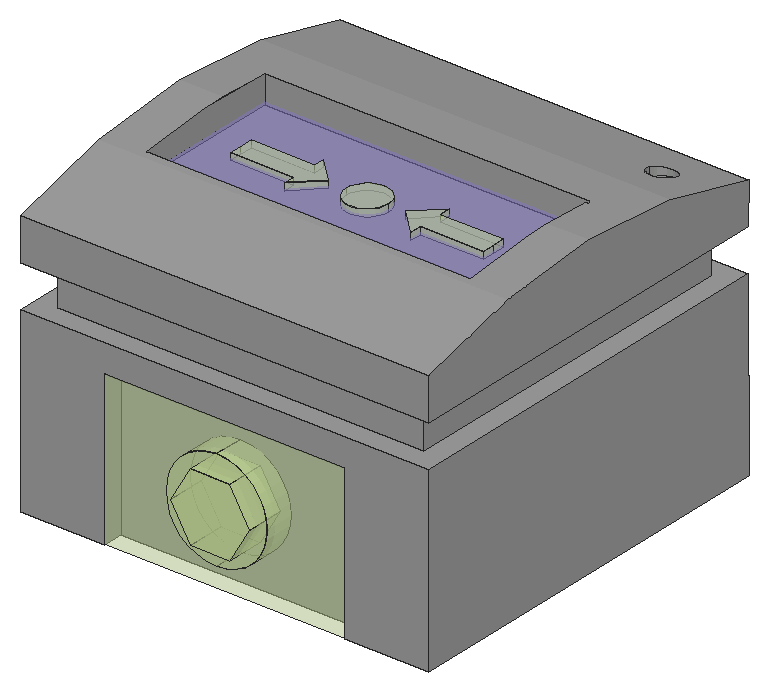
Revit family "Maxlogic déclancheur Manuel Adressable", category Fire Alarm Devices, host Face, Revit 2021
Family settings
  Host = Face
  Maintain Annotation Orientation = Yes
  Round Connector Dimension = Use Diameter
  Part Type = Normal
  OmniClass Number = 23.85.30.21
  OmniClass Title = Environmental Detection/Registration
  Cut with Voids When Loaded = No
  Shared = No
  Room Calculation Point = No
Parameters (values of type "Maxlogic Adressable Déclancheur Manuel réarmable Etanche IP67,Isolateur de Court-Circuit")
  Poids = "270 g"
  Boîtier de montage en surface étanche = ""
  Unité de durée de garantie = "Ans"
  Durée de la garantie réservé = "2"
  Durée de la garantie Travail = "2"
  Version = ""
  URL = "https://www.mavili.com.tr/"
  Socle montage de Surlévé = ""
  Numéro de pose des travaux publics = ""
  Couvercle de protection = "PS200"
  protection de Classe = "IP67"
  Code de Produit = "ML-1730.SCI"
  Numèro de Téléphone = "(+)90 216 466 45 05"
  Voltage de fonctionnement (default) = "24 V/DC"
  voltage fonction d'opération = "18-33V/DC"
  Tempèrature de Fonctionnement = "(-30°C) - (+70°C)"
  Largeur Nominale = "71 mm"
  Longeur Nominale = "93 mm"
  Hauteur Nominale = "97,5 mm"
  Surface de Montage = "Montage à Mur"
  Hauteur de Montage = "Hauteur  1.4m du Sol (+/- 200mm)"
  Model = "MaxLogic"
  Manufacturer = "Mavili Elektronik Ticaret A.Ş."
  Manuel d'installation = "https://mavilielektronik.com/Revit/ML1730_kk.pdf"
  Sortie d'indicateur = ""
  Numèro de Fax = "(+)90 216 466 45 10"
  Alimentation d'externe = ""
  E-Poste = "mavili@mavili.com.tr"
  Avertissement = ""
  Charger adresse d'appareil = "Appareil d'adressage à Main"
  Description = "Adressable Déclancheur Manuel réarmable Etanche IP67,Isolateur de Court-Circuit"
  Default Elevation = 0 mm
  Current de Consommation = ""
  Coût Unité = ""
  Cost = 0
  Socles Compatible = ""
  Couleur = "Rouge"
  Code de  Performance = "EN 54-11 ve EN 54-17"
  Matériel Principe = "Plastique Rouge PC/ABS"
  Deuxime Matèriel = "Plastique"
  Adresse ligne 1 = "Şerifali Mahallesi Kutup Sokak No:27/1-2-4 Ümraniye TR-34775 İSTANBUL"
Types (3, lengths in mm): name | Code de Produit | Hauteur de Montage | Description
  (no name) | "ML-1730.SCI" | "Hauteur  1.4m du Sol (+/- 200mm)" | "Adressable Déclancheur Manuel réarmable Etanche IP67,Isolateur de Court-Circuit"
  Maxlogic Adressable Déclancheur Manuel réarmable Etanche IP67 | "ML-1730" | "Hauteur 1.4m du sol (+/- 200mm)" | "Adressable Déclancheur Manuel réarmable Etanche IP67"
  Maxlogic Adressable Déclancheur Manuel réarmable Etanche IP67,Isolateur de Court-Circuit | "ML-1730.SCI" | "Hauteur  1.4m du Sol (+/- 200mm)" | "Adressable Déclancheur Manuel réarmable Etanche IP67,Isolateur de Court-Circuit"
Reference planes
  plane 1 "Center (Front/Back)": y = 0
  plane 2: z = 0
  plane 3 "Center (Left/Right)": x = 0
Forms (mm)
  Extrusion 1, solid, material "MAVİLİ KIRMIZI"
    sketch origin (0, 0, 0) x (0, 1, 0) y (0, 0, 1)
      loop
        line (0, 0) -> (0, 43) -> (-95, 43) -> (-95, 0) -> (0, 0)
    from 0 to 97
  Extrusion 2, solid, material "MAVİLİ KIRMIZI"
    sketch origin (0, 0, 0) x (0, 1, 0) y (0, 0, 1)
      loop
        line (-5, 43) -> (-5, 53) -> (0, 53) -> (0, 63)
        arc (0, 63) -> (-47.5, 71) -> (-95, 63) r 145.016
        line (-95, 63) -> (-95, 53) -> (-90, 53) -> (-90, 43) -> (-5, 43)
    from 0 to 97
  Extrusion 3, void
    sketch origin (0, 0, 0) x (1, 0, 0) y (0, 0, 1)
      loop
        line (97, 53) -> (92, 53) -> (92, 43) -> (97, 43) -> (97, 53)
    from 0 to 97
  Extrusion 4, void
    sketch origin (97, 0, 0) x (-1, 0, 0) y (0, 0, -1)
      loop
        line (97, -53) -> (97, -43) -> (92, -43) -> (92, -53) -> (97, -53)
    from 0 to 97
  Extrusion 5, void
    sketch origin (0, 0, 0) x (1, 0, 0) y (0, 1, 0)
      loop
        line (87, -70) -> (87, -35) -> (10, -35) -> (10, -70) -> (87, -70)
    from 63.812 to 71.012
  Extrusion 6, void
    sketch origin (0, 0, 0) x (0, 0, -1) y (1, 0, 0)
      loop
        line (-36.479, 77) -> (-36.479, 20) -> (0, 20) -> (0, 77) -> (-36.479, 77)
    from 0 to 5
  Extrusion 7, solid, material "MAVİLİ SİYAH"
    sketch origin (0, -5, 0) x (0, 0, 1) y (1, 0, 0)
      loop
        line (36.479, 77) -> (0, 77) -> (0, 20) -> (36.479, 20) -> (36.479, 77)
    from 0 to 5
  Extrusion 8, solid, material "MAVİLİ SİYAH"
    sketch origin (0, -5, 0) x (0, 0, 1) y (1, 0, 0)
      loop
        circle (18.426, 61.121) r 12
      loop
        circle (18.426, 35.879) r 12
    from 0 to 7.605
  Extrusion 9, solid, material "MAVİLİ SİYAH"
    sketch origin (0, -5, 0) x (0, 0, 1) y (1, 0, 0)
      loop
        line (18.426, 71.121) -> (9.766, 66.121) -> (9.766, 56.121) -> (18.426, 51.121) -> (27.086, 56.121) -> (27.086, 66.121) -> (18.426, 71.121)
      loop
        line (18.426, 45.879) -> (9.766, 40.879) -> (9.766, 30.879) -> (18.426, 25.879) -> (27.086, 30.879) -> (27.086, 40.879) -> (18.426, 45.879)
    from 0 to 9.14
  Extrusion 10, solid, material "MAVİLİ SİYAH"
    sketch origin (0, 0, 63.812) x (1, 0, 0) y (0, 1, 0)
      loop
        circle (48.5, -52.5) r 5
      loop
        line (78.5, -52.5) -> (78.5, -49.471) -> (63.5, -49.471) -> (63.5, -46.707) -> (57.707, -52.5) -> (63.5, -58.293) -> (63.5, -55.529) -> (78.5, -55.529) -> (78.5, -52.5)
      loop
        line (18.5, -52.5) -> (18.5, -55.529) -> (33.5, -55.529) -> (33.5, -58.293) -> (39.293, -52.5) -> (33.5, -46.707) -> (33.5, -49.471) -> (18.5, -49.471) -> (18.5, -52.5)
    from 0 to 1.764
  Extrusion 11, solid, material "MAVİLİ BEYAZ"
    sketch origin (0, 0, 63.812) x (1, 0, 0) y (0, 1, 0)
      loop
        line (10, -35) -> (10, -70) -> (87, -70) -> (87, -35) -> (10, -35)
    from -7.588 to 0.743
  Extrusion 12, void
    sketch origin (0, -95, 0) x (0, 0, -1) y (-1, 0, 0)
      loop
        line (-36.479, -20) -> (-36.479, -77) -> (0, -77) -> (0, -20) -> (-36.479, -20)
    from 0 to 5
  Extrusion 13, solid, material "MAVİLİ SİYAH"
    sketch origin (0, -90, 0) x (0, 0, 1) y (-1, 0, 0)
      loop
        line (36.479, -20) -> (0, -20) -> (0, -77) -> (36.479, -77) -> (36.479, -20)
    from 0 to 5
  Extrusion 14, solid, material "MAVİLİ SİYAH"
    sketch origin (0, -90, 0) x (0, 0, 1) y (-1, 0, 0)
      loop
        circle (18.24, -48.5) r 12
    from 0 to 7.218
  Extrusion 15, solid, material "MAVİLİ SİYAH"
    sketch origin (0, -90, 0) x (0, 0, 1) y (-1, 0, 0)
      loop
        line (26.291, -43.836) -> (18.125, -39.122) -> (9.96, -43.836) -> (9.96, -53.265) -> (18.125, -57.979) -> (26.291, -53.265) -> (26.291, -43.836)
    from 0 to 9.245
  Extrusion 16, void
    sketch origin (0, 0, 63.812) x (0, 1, 0) y (1, 0, 0)
      loop
        circle (-13.211, 87) r 3.15
    from -6.01 to -0.743
Cuts and joins
  Extrusion 3, Extrusion 4, Extrusion 5, Extrusion 6, Extrusion 12 cuts Extrusion 1
  Extrusion 3, Extrusion 4, Extrusion 5, Extrusion 16 cuts Extrusion 2
Dimensions and locks
  Extrusion 1 to host face = 43 mm
  aligned and locked: plane 2 to host face
  aligned and locked: level to host face
